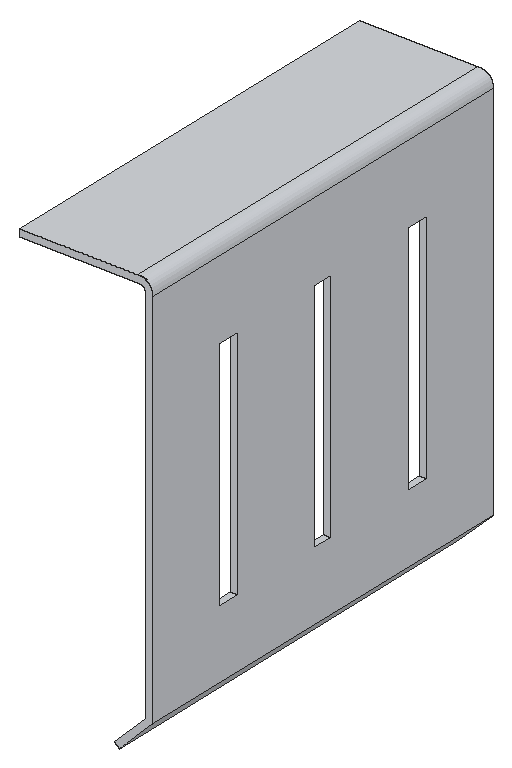
Revit family "BIMSF_TopClip", category Structural Connections, Revit 2024
Family settings
  Material for Model Behavior = Other
  Work Plane-Based = No
  Enable Cutting in Views = No
  Always vertical = Yes
  Cut with Voids When Loaded = No
  Shared = No
Parameters (values of type "4-3/4"")
  Weight = 0.00 lbf/ft
  Reported Length [instance] = 0' - 4.50896"
  BOM_Weight = 0.00 lbf
  BIMSF_Filter = "DefCon-Clip"  # constant formula
  Assembly Code = ""
Reference planes (in)
  plane 1 "Center (Front/Back)": y = 0
  plane 2: z = 0
  plane 3 "Center (Left/Right)": x = 0
Forms (in)
  Extrusion 1, solid
    sketch origin (11.92576, -5.90629, 2.1697) x (-0.005327, 0, -0.999986) y (-0.999986, 0, 0.005327)
      loop
        line (2.38786, 11.91321) -> (6.45216, 11.89155) -> (6.81099, 12.24658) -> (6.76275, 12.29534) -> (6.43231, 11.96839) -> (2.38827, 11.98994)
        spline (2.38827, 11.98994) -> (2.37592, 11.99058) -> (2.36464, 11.99238) -> (2.35444, 11.99532) -> (2.34531, 11.99942) -> (2.33725, 12.00467) -> (2.33026, 12.01107) -> (2.32435, 12.01862) -> (2.31951, 12.02732) -> (2.31574, 12.03717) -> (2.31304, 12.04817) -> (2.31141, 12.06032) -> (2.31086, 12.07363)
        line (2.31086, 12.07363) -> (2.31753, 13.32652) -> (2.24073, 13.32693) -> (2.23406, 12.07418)
        spline (2.23406, 12.07418) -> (2.235, 12.04859) -> (2.23809, 12.02522) -> (2.24335, 12.00406) -> (2.25077, 11.98511) -> (2.26035, 11.96838) -> (2.27208, 11.95386) -> (2.28598, 11.94155) -> (2.30204, 11.93146) -> (2.32025, 11.92358) -> (2.34063, 11.91791) -> (2.36316, 11.91445) -> (2.38786, 11.91321)
    from 3.65181 to 8.16077
  Extrusion 2, void
    sketch origin (0.05912, -0.12948, 0.01692) x (0, 1, 0) y (0, 0, 1)
      loop
        line (0.01048, -1) -> (0.01048, -3.5) -> (0.23952, -3.5) -> (0.23952, -1) -> (0.01048, -1)
    from -1.216 to 0.77568
  Extrusion 3, void
    sketch origin (0.05912, 1.12052, 0.01692) x (0, 1, 0) y (0, 0, 1)
      loop
        line (0.01048, -1) -> (0.01048, -3.5) -> (0.26048, -3.5) -> (0.26048, -1) -> (0.01048, -1)
    from -1.216 to 0.77568
  Extrusion 4, void
    sketch origin (0.05912, -1.37948, 0.01692) x (0, 1, 0) y (0, 0, 1)
      loop
        line (-0.00152, -1) -> (-0.00152, -3.5) -> (0.24848, -3.5) -> (0.24848, -1) -> (-0.00152, -1)
    from -1.216 to 0.77568
Cuts and joins
  Extrusion 2, Extrusion 3, Extrusion 4 cuts Extrusion 1
Dimensions and locks (in)
  equal spacing: cut or joined group of Extrusion 1, Extrusion 2, Extrusion 3, Extrusion 4, plane 1 "Center (Front/Back)", cut or joined group of Extrusion 1, Extrusion 2, Extrusion 3, Extrusion 4  (x2)
  "Reported Length": cut or joined group of Extrusion 1, Extrusion 2, Extrusion 3, Extrusion 4 to cut or joined group of Extrusion 1, Extrusion 2, Extrusion 3, Extrusion 4
  aligned and locked: plane 2 to level
Automatic sketch dimensions
  plane 1 "Center (Front/Back)" to Extrusion 2 sketch curve = 0' - 0.119"
  Extrusion 2 sketch curve to plane 1 "Center (Front/Back)" = 0' - 0.11004"
  Extrusion 2 sketch curve to level = 0' - 3.48308"
  Extrusion 2 sketch curve to level = 0' - 0.98308"
  Extrusion 3 sketch curve to plane 1 "Center (Front/Back)" = 0' - 1.131"
  Extrusion 3 sketch curve to Extrusion 3 sketch curve = 0' - 0 1/4"
  Extrusion 3 sketch curve to level = 0' - 3.48308"
  Extrusion 3 sketch curve to level = 0' - 0.98308"
  plane 1 "Center (Front/Back)" to Extrusion 4 sketch curve = 0' - 1.381"
  Extrusion 4 sketch curve to Extrusion 4 sketch curve = 0' - 0 1/4"
  Extrusion 4 sketch curve to level = 0' - 3.48308"
  Extrusion 4 sketch curve to level = 0' - 0.98308"
  Extrusion 1 sketch curve to level = 0' - 0"  (x2)
  Extrusion 1 sketch curve to plane 3 "Center (Left/Right)" = 0' - 0"  (x2)
  Extrusion 1 sketch curve to plane 3 "Center (Left/Right)" = 0' - 0 41/256"
  Extrusion 1 sketch curve to Extrusion 1 sketch curve = 0' - 0.00667"
  Extrusion 1 sketch curve to Extrusion 1 sketch curve = 0' - 0.0768"  (x2)
  Extrusion 1 sketch curve to Extrusion 1 sketch curve = 0' - 0.077"
  Extrusion 1 sketch curve to Extrusion 1 sketch curve = 0' - 0.00041"
  Extrusion 1 sketch curve to Extrusion 1 sketch curve = 0' - 4.04404"
  Extrusion 1 sketch curve to Extrusion 1 sketch curve = 0' - 0.01985"
  Extrusion 1 sketch curve to Extrusion 1 sketch curve = 0' - 0.33044"
  Extrusion 1 sketch curve to Extrusion 1 sketch curve = 0' - 0.04824"
  Extrusion 1 sketch curve to Extrusion 1 sketch curve = 0' - 0.07684"
  Extrusion 1 sketch curve to Extrusion 1 sketch curve = 0' - 0.07673"
